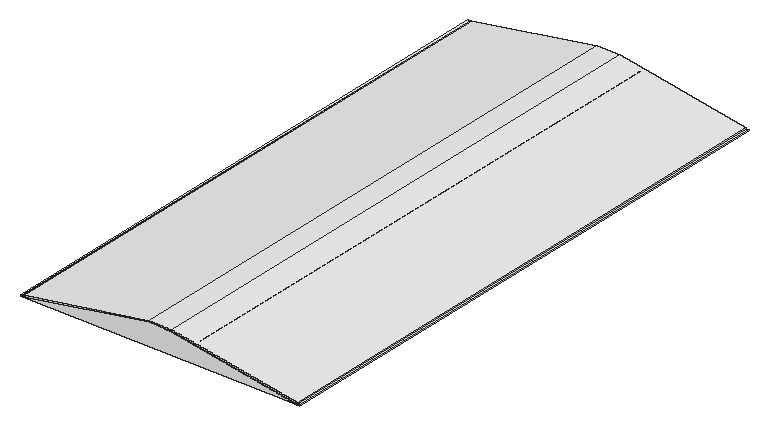
Revit family "Alcon-14064-Revit-Family", category Lighting Fixtures, host Ceiling, Revit 2021
Family settings
  Host = Ceiling
  Round Connector Dimension = Use Diameter
  Part Type = Normal
  Always vertical = Yes
  Cut with Voids When Loaded = No
  Light Source = Yes
  Shared = No
  Room Calculation Point = No
Parameters (values of type "2'x4'")
  Wattage = 9.2903 W
  built-in parameter 1150110 = 1 (stored number, unit not read)
  URL = "https://www.alconlighting.com/"
  built-in parameter 1114217 = 1 (stored number, unit not read)
  built-in parameter 1150109 = 1 (stored number, unit not read)
  built-in parameter 1150134 = 3
  built-in parameter 1150113 = 1 (stored number, unit not read)
  Product identity = "Alcon Lighting 14064"
  Manufacturer = "Alcon Light"
  built-in parameter 1150105 = 439.27 (stored number, unit not read)
  Lumens = 1380 lm
  built-in parameter 1150115 = 1 (stored number, unit not read)
  Link To Product Page = "https://www.alconlighting.com/14064.html"
  Light Source Symbol Size = 2' - 0"
  built-in parameter 1150137 = (empty or 0)
  built-in parameter 1150139 = (empty or 0)
  Lens = Lens
  Length = 4' - 0"
  built-in parameter 1150112 = 1 (stored number, unit not read)
  built-in parameter 1150114 = 1 (stored number, unit not read)
  built-in parameter 1150132 = (empty or 0)
  built-in parameter 1150102 = (empty or 0)
  built-in parameter 1150107 = 3200 (stored number, unit not read)
  built-in parameter 1150138 = (empty or 0)
  built-in parameter 1150106 = 4.3927 (stored number, unit not read)
  Housing = Housing
  Emit from Rectangle Width = 2' - 0"
  Emit from Rectangle Length = 4' - 0"
  Emit Shape Visible in Rendering = no
  built-in parameter 1150104 = 13.8 (stored number, unit not read)
  Dimming Lamp Color Temperature Shift = <None>
  Default Elevation = 0' - 0"
  Color Filter = 16777215
  built-in parameter 1114218 = 1 (stored number, unit not read)
  built-in parameter 1150133 = 10 (stored number, unit not read)
Types (3): name | Length | Emit from Rectangle Length
  (no name) | 4' - 0" | 4' - 0"
  2'x4' | 4' - 0" | 4' - 0"
  2'x2' | 2' - 0" | 2' - 0"
Reference planes (in)
  plane 1 "Center (Front/Back)": y = 0
  plane 2 "Ceiling": z = 96
  plane 3 "Center (Left/Right)": x = 0
  plane 4 "2": y = 24
  plane 5 "1": y = -24
Forms (in)
  Extrusion 1, solid, material "Housing" <- "Housing"
    sketch origin (0, 0, 96) x (1, 0, 0) y (0, 1, 0)
      loop
        line (-12, -24) -> (-11.75, -24) -> (-11.75, 24) -> (-12, 24) -> (-12, -24)
      loop
        line (12, 24) -> (11.75, 24) -> (11.75, -24) -> (12, -24) -> (12, 24)
    from 0 to 0.08203
  Extrusion 2, solid, material "Housing" <- "Housing"
    sketch origin (0, -24, 0) x (-1, 0, 0) y (0, 0, 1)
      loop
        line (-11.75, 96) -> (11.75, 96) -> (1, 97.82979) -> (-1, 97.82979) -> (-11.75, 96)
    from 0 to 0.25
  Extrusion 3, solid, material "Housing" <- "Housing"
    sketch origin (0, 24, 0) x (-1, 0, 0) y (0, 0, 1)
      loop
        line (11.75, 96) -> (1, 97.82979) -> (-1, 97.82979) -> (-11.75, 96) -> (11.75, 96)
    from -0.25 to 0
  Extrusion 4, solid, material "Housing" <- "Housing"
    sketch origin (0, -24, 0) x (-1, 0, 0) y (0, 0, 1)
      loop
        line (11.75, 96.1268) -> (1.01056, 97.95479) -> (-1.01056, 97.95479) -> (-11.75, 96.1268) -> (-11.75, 96) -> (-1, 97.82979) -> (1, 97.82979) -> (11.75, 96) -> (11.75, 96.1268)
    from 0 to 48
  Extrusion 5, void
    sketch origin (0, 0, 96) x (1, 0, 0) y (0, 1, 0)
      loop
        line (-12, 24) -> (-12, -24) -> (12, -24) -> (12, 24) -> (-12, 24)
    from -1.60889 to 3.76487
  Extrusion 6, solid, material "Lens" <- "Lens"
    sketch origin (0, -24, 0) x (-1, 0, 0) y (0, 0, 1)
      loop
        line (2.81653, 97.51729) -> (-2.81653, 97.51729)
        arc (-2.81653, 97.51729) -> (-2.87293, 97.47579) -> (-2.85008, 97.4096) r 0.05907
        arc (-2.85008, 97.4096) -> (-1.7427, 96.83862) -> (-0.52686, 96.5665) r 4.88259
        arc (-0.52686, 96.5665) -> (-0.26036, 96.56924) -> (0, 96.62619) r 1.30193
        arc (0, 96.62619) -> (0.26036, 96.56924) -> (0.52686, 96.5665) r 1.30193
        arc (0.52686, 96.5665) -> (1.7427, 96.83862) -> (2.85008, 97.4096) r 4.88259
        arc (2.85008, 97.4096) -> (2.87293, 97.47579) -> (2.81653, 97.51729) r 0.05907
    from 0.25 to 47.75
Dimensions and locks (in)
  equal spacing: host sketch curve, plane 3 "Center (Left/Right)", host sketch curve
  equal spacing: host sketch curve, plane 1 "Center (Front/Back)", host sketch curve
  host sketch curve to host sketch curve = 10' - 0"  (x2)
  equal spacing: plane 5 "1", plane 1 "Center (Front/Back)", plane 4 "2"
  "Length": plane 4 "2" to plane 5 "1"
  aligned and locked: Extrusion 4 to plane 4 "2"
  aligned and locked: plane 4 "2" to Extrusion 1
  aligned and locked: Extrusion 1 to plane 4 "2"
  aligned and locked: Extrusion 1 to plane 5 "1"
  aligned and locked: plane 5 "1" to Extrusion 1
  aligned and locked: Extrusion 5 sketch curve to plane 4 "2"
  aligned and locked: Extrusion 5 sketch curve to plane 5 "1"
  aligned and locked: Extrusion 6 to Extrusion 2
  aligned and locked: Extrusion 6 to Extrusion 3
Automatic sketch dimensions
  Extrusion 1 sketch curve to plane 3 "Center (Left/Right)" = 0' - 11 3/4"
  plane 5 "1" to Extrusion 1 sketch curve = 0' - 0"  (x2)
  Extrusion 1 sketch curve to plane 4 "2" = 0' - 0"  (x2)
  Extrusion 1 sketch curve to Extrusion 1 sketch curve = 0' - 0 1/4"  (x2)
  Extrusion 1 sketch curve to Extrusion 1 sketch curve = 1' - 11 1/2"
  Extrusion 4 sketch curve to plane 2 "Ceiling" = 0' - 0"  (x2)
  Extrusion 4 sketch curve to plane 3 "Center (Left/Right)" = 0' - 11 3/4"
  plane 3 "Center (Left/Right)" to Extrusion 4 sketch curve = 0' - 11 3/4"
  Extrusion 4 sketch curve to plane 3 "Center (Left/Right)" = 0' - 1.01056"
  plane 3 "Center (Left/Right)" to Extrusion 4 sketch curve = 0' - 1.01056"
  plane 2 "Ceiling" to Extrusion 4 sketch curve = 0' - 1.95479"
  Extrusion 4 sketch curve to Extrusion 4 sketch curve = 0' - 0.01056"  (x2)
  plane 2 "Ceiling" to Extrusion 4 sketch curve = 0' - 0.1268"  (x2)
  Extrusion 4 sketch curve to Extrusion 4 sketch curve = 0' - 0 1/8"
  Extrusion 2 sketch curve to plane 3 "Center (Left/Right)" = 0' - 11 3/4"
  plane 3 "Center (Left/Right)" to Extrusion 2 sketch curve = 0' - 11 3/4"
  Extrusion 2 sketch curve to plane 3 "Center (Left/Right)" = 0' - 1"
  plane 3 "Center (Left/Right)" to Extrusion 2 sketch curve = 0' - 1"
  plane 2 "Ceiling" to Extrusion 2 sketch curve = 0' - 1.82979"
  Extrusion 2 sketch curve to plane 2 "Ceiling" = 0' - 0"
  plane 3 "Center (Left/Right)" to Extrusion 3 sketch curve = 0' - 11 3/4"
  Extrusion 3 sketch curve to plane 3 "Center (Left/Right)" = 0' - 11 3/4"
  Extrusion 3 sketch curve to plane 3 "Center (Left/Right)" = 0' - 1"
  plane 3 "Center (Left/Right)" to Extrusion 3 sketch curve = 0' - 1"
  plane 2 "Ceiling" to Extrusion 3 sketch curve = 0' - 1.82979"
  Extrusion 3 sketch curve to plane 2 "Ceiling" = 0' - 0"
  Extrusion 5 sketch curve to plane 3 "Center (Left/Right)" = 1' - 0"
  plane 3 "Center (Left/Right)" to Extrusion 5 sketch curve = 1' - 0"
  Extrusion 6 sketch curve to Extrusion 6 sketch curve = 0' - 0.03355"  (x2)
  Extrusion 6 sketch curve to plane 3 "Center (Left/Right)" = 0' - 0.40693"
  Extrusion 6 sketch curve to Extrusion 6 sketch curve = 0' - 0.32985"
  Extrusion 6 sketch curve to Extrusion 6 sketch curve = 0' - 0.15416"
  Extrusion 6 sketch curve to Extrusion 6 sketch curve = 0' - 0.81386"
  plane 3 "Center (Left/Right)" to Extrusion 6 sketch curve = 0' - 2.81653"
  plane 2 "Ceiling" to Extrusion 6 sketch curve = 0' - 1.45822"  (x2)
  Extrusion 6 sketch curve to Extrusion 6 sketch curve = 0' - 0.05907"
  plane 2 "Ceiling" to Extrusion 6 sketch curve = 0' - 1.86289"
  Extrusion 6 sketch curve to Extrusion 6 sketch curve = 0' - 0"  (x4)
  Extrusion 6 sketch curve to Extrusion 6 sketch curve = 0' - 0.52686"
  plane 2 "Ceiling" to Extrusion 6 sketch curve = 0' - 0.5665"
